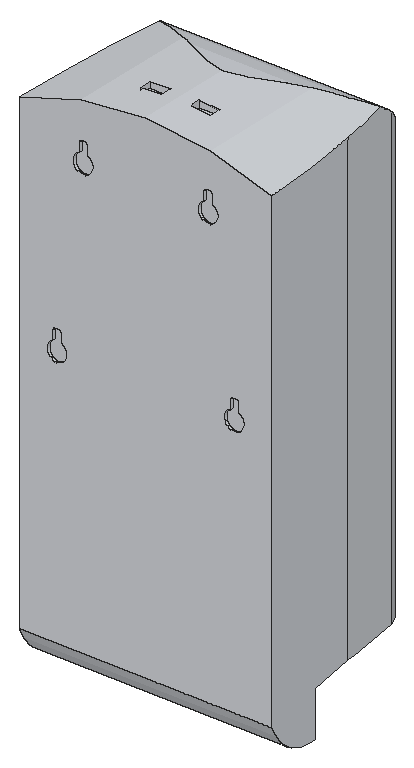
Revit family "AX9428-W_0002", category Appareils sanitaires, Revit 2016
Family settings
  Hôte = Mur
  Type d'élément = Normal
  Cote de connecteur circulaire = Utiliser le diamètre
  Numéro OmniClass = 23.75.00.00
  Titre OmniClass = Climate Control (HVAC)
  Toujours verticalement = Oui
  Couper avec des vides une fois chargée = Non
  Partagée = Non
  Point de calcul de pièce = Non
Parameters (values of type "Type 1")
  URL = "https://www.axeuro.com/fr/distributeurs-de-savon-automatiques/26166-distributeur-automatique-de-savon-liquide-ax9428-w.html"
  Type de produit / Type of product = "Distributeur automatique de savon / Automatic soap dispenser"  # constant formula
  Référence / Reference = "AX9428-W"  # constant formula
  Model = ""
  Manufacturer = ""
  Entreprise / Company = "Axeuro"  # constant formula
  Description = ""
Reference planes
  plane 1 "Mur": y = 0
  plane 2 "Centre (gauche/droite)": x = 0
  plane 3 "Arrière": y = 75
Forms (mm)
  Extrusion 1, solid
    sketch origin (-77.512, -843.29, 697.011) x (1, 0, 0) y (0, 1, 0)
      loop
        arc (131.512, 918.29) -> (130.153, 940.821) -> (128.012, 963.29) r 649.548
        arc (128.012, 963.29) -> (126.063, 977.837) -> (123.512, 992.29) r 353.068
        arc (123.512, 992.29) -> (115.839, 1002.832) -> (104.512, 1009.29) r 31.018
        arc (104.512, 1009.29) -> (91.171, 1012.368) -> (77.512, 1013.29) r 86.032
        arc (77.512, 1013.29) -> (63.852, 1012.368) -> (50.512, 1009.29) r 86.032
        arc (50.512, 1009.29) -> (39.184, 1002.832) -> (31.512, 992.29) r 31.018
        arc (31.512, 992.29) -> (28.96, 977.837) -> (27.012, 963.29) r 353.068
        arc (27.012, 963.29) -> (24.871, 940.821) -> (23.512, 918.29) r 649.548
        line (23.512, 918.29) -> (131.512, 918.29)
    from 19 to 250
  Extrusion 2, void
    sketch origin (0, 0, 0) x (0, 1, 0) y (0, 0, 1)
      loop
        line (75, 947.011) -> (116, 947.011)
        arc (116, 947.011) -> (145.264, 936.029) -> (164, 911.011) r 55.682
        arc (164, 911.011) -> (168.938, 842.1) -> (169, 773.011) r 978.153
        arc (169, 773.011) -> (167.893, 733.278) -> (166.162, 693.567) r 2533.882
        line (166.162, 693.567) -> (199, 693.567) -> (199, 951.011) -> (75, 951.011) -> (75, 947.011)
    from -80.116 to 80
  Extrusion 3, void
    sketch origin (0, 75, 0) x (1, 0, 0) y (0, 0, 1)
      loop
        line (54, 936.011) -> (64, 936.011) -> (64, 956.011) -> (-62.501, 956.011) -> (-62.501, 936.011) -> (-54, 936.011)
        arc (-54, 936.011) -> (0, 947.011) -> (54, 936.011) r 138.045
    from -132.668 to 15.486
  Extrusion 4, void
    sketch origin (0, 75, 39) x (1, 0, 0) y (0, 0, 1)
      loop
        line (52.604, 677.014) -> (52.604, 695.511)
        arc (52.604, 695.511) -> (51.871, 697.281) -> (50.102, 698.014) r 2.502
        arc (50.102, 698.014) -> (25.078, 696.225) -> (0, 695.511) r 584.194
        arc (0, 695.511) -> (-25.078, 696.225) -> (-50.102, 698.014) r 584.194
        arc (-50.102, 698.014) -> (-51.871, 697.281) -> (-52.604, 695.511) r 2.502
        line (-52.604, 695.511) -> (-52.604, 677.014) -> (52.604, 677.014)
    from -109.954 to -25
  Extrusion 5, void
    sketch origin (0, 0, 39) x (0, 1, 0) y (0, 0, 1)
      loop
        line (75, 677.011) -> (98, 677.011)
        arc (98, 677.011) -> (83.991, 681.405) -> (75, 693.011) r 24.531
        line (75, 693.011) -> (75, 677.011)
    from -80.116 to 80
  Extrusion 6, void
    sketch origin (112.858, 75, 26.939) x (1, 0, 0) y (0, 0, 1)
      loop
        arc (-111.303, 844.075) -> (-112.858, 845.073) -> (-114.413, 844.075) r 1.711
        arc (-114.413, 844.075) -> (-121.302, 831.496) -> (-126.349, 818.073) r 101.512
        arc (-126.349, 818.073) -> (-112.858, 805.073) -> (-99.367, 818.073) r 13.5
        arc (-99.367, 818.073) -> (-104.414, 831.496) -> (-111.303, 844.075) r 101.512
    from -95.83 to -91.001
  Extrusion 7, void
    sketch origin (50.861, -108.869, 0) x (1, 0, 0) y (0, 1, 0)
      loop
        line (-65.861, 204.869) -> (-65.861, 199.869) -> (-56.861, 199.869) -> (-56.861, 204.869) -> (-65.861, 204.869)
    from 943.887 to 949.708
  Extrusion 8, void
    sketch origin (-50.861, -108.869, 0) x (-1, 0, 0) y (0, -1, 0)
      loop
        line (-65.861, -204.869) -> (-56.861, -204.869) -> (-56.861, -199.869) -> (-65.861, -199.869) -> (-65.861, -204.869)
    from 943.887 to 949.708
  Extrusion 9, void
    sketch origin (0, 75, 5.868) x (1, 0, 0) y (0, 0, 1)
      loop
        circle (0, 814.143) r 3
    from -95.83 to -92.164
  Extrusion 10, void
    sketch origin (-82.664, 0, 30.78) x (1, 0, 0) y (0, 0, 1)
      loop
        arc (107.614, 893.102) -> (109.414, 885.002) -> (111.214, 893.102) r 4.25
        line (111.214, 893.102) -> (111.214, 897.067)
        arc (111.214, 897.067) -> (109.414, 898.232) -> (107.614, 897.067) r 1.974
        line (107.614, 897.067) -> (107.614, 893.102)
    from -76.045 to -75
  Extrusion 11, void
    sketch origin (71.414, 0, -45.22) x (-1, 0, 0) y (0, 0, -1)
      loop
        line (107.614, -893.102) -> (107.614, -897.067)
        arc (107.614, -897.067) -> (109.414, -898.232) -> (111.214, -897.067) r 1.974
        line (111.214, -897.067) -> (111.214, -893.102)
        arc (111.214, -893.102) -> (109.414, -885.002) -> (107.614, -893.102) r 4.25
    from -76.045 to -75
  Extrusion 12, void
    sketch origin (-136.164, 0, 30.78) x (1, 0, 0) y (0, 0, 1)
      loop
        arc (107.614, 893.102) -> (109.414, 885.002) -> (111.214, 893.102) r 4.25
        line (111.214, 893.102) -> (111.214, 897.067)
        arc (111.214, 897.067) -> (109.414, 898.232) -> (107.614, 897.067) r 1.974
        line (107.614, 897.067) -> (107.614, 893.102)
    from -76.045 to -75
  Extrusion 13, void
    sketch origin (-71.414, 0, -45.22) x (1, 0, 0) y (0, 0, 1)
      loop
        arc (107.614, 893.102) -> (109.414, 885.002) -> (111.214, 893.102) r 4.25
        line (111.214, 893.102) -> (111.214, 897.067)
        arc (111.214, 897.067) -> (109.414, 898.232) -> (107.614, 897.067) r 1.974
        line (107.614, 897.067) -> (107.614, 893.102)
    from -76.045 to -75
Cuts and joins
  Extrusion 2, Extrusion 3, Extrusion 4, Extrusion 5, Extrusion 6, Extrusion 7, Extrusion 8, Extrusion 9, Extrusion 10, Extrusion 11, Extrusion 12, Extrusion 13 cuts Extrusion 1
Lines and regions (mm)
  reference lines
    curve 1: line (0, 75, 947.011) -> (0, 75, 823.011)
    curve 2: line (0, 75, 873.011) -> (0, 75, 947.011)
Text (mm)
  text "Côté de la mise en place" at (-1820.995, 1116.779, 0), in view "Niveau de réf."
  text "Côté de la mise en place" at (0, 1334.055, 2976.191), in view "Gauche"
  text "Côté de la mise en place" at (0, 439.194, 2944.362), in view "Droite"
Dimensions and locks
  locked: plane 3 "Arrière" to host wall
  aligned and locked: plane 1 "Mur" to host wall
